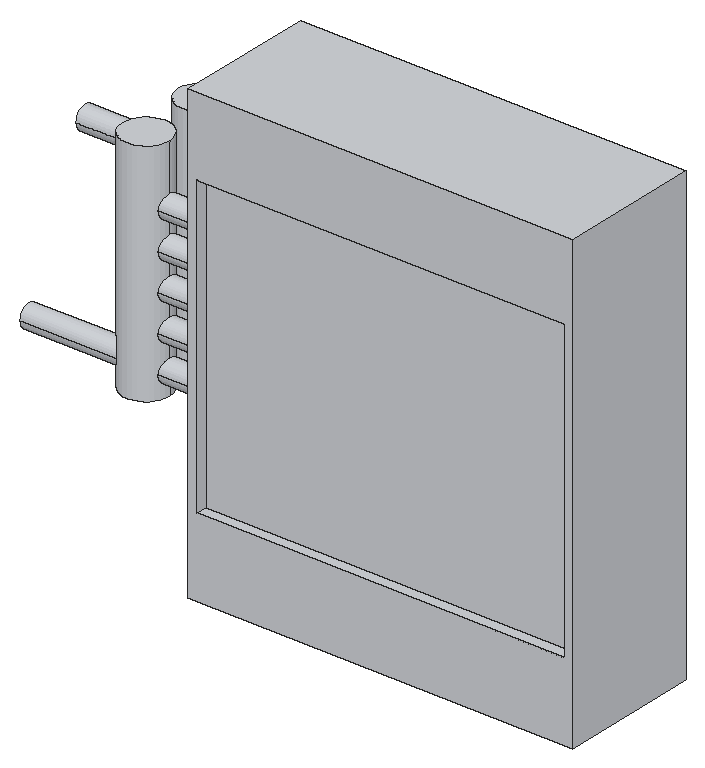
Revit family "M_Serpentina AHU - Água quente - Interior", category Equipamento mecânico, Revit 2019
Family settings
  Cota do conector redondo = Usar raio
  Tipo de parte = Normal
  Número OmniClass = 23.75.35.14
  Título OmniClass = Air Handling Units
  ID de item do Seek = AHU Coil - Hot Water - Indoor-0000-USA-ENU
  Com base no plano de trabalho = Não
  Sempre na vertical = Sim
  Corte com vazios quando carregada = Não
  Compartilhado = Não
  Ponto de cálculo do ambiente = Não
Parameters (values of type "0,3 metros quadrados")
  Raio da água = 25 mm
  Queda de pressão da água [instance] = 4978.0 Pa
  Fluxo da água [instance] = 1.0 L/s
  Diâmetro da água = Raio da água * 2  # 50 mm
  Raio 2 = 51 mm
  Raio 1 = Raio 2 / 2  # 25.5 mm
  Altura 1 = 203 mm
  Largura do duto 3 = Comprimento da serpentina * 0.18  # 150.84 mm
  Largura do duto 1 = Comprimento da serpentina * 0.01  # 8.38 mm
  Largura do duto = 800 mm
  Altura do duto = 650 mm
  Altura da serpentina = 991 mm
  Comprimento da serpentina = 838 mm
  Largura da serpentina = 305 mm
  Material da serpentina = none
  Queda de pressão do ar [instance] = 62.0 Pa
  Fluxo de ar [instance] = 787.0 L/s
Types (17, lengths in mm): name | Raio da água | Queda de pressão da água | Fluxo da água | Diâmetro da água | Raio 2 | Raio 1 | Altura 1 | Largura do duto 3 | Largura do duto 1 | Largura do duto | Altura do duto | Altura da serpentina | Comprimento da serpentina | Fluxo de ar
  (no name) | 25 | 4978.0 Pa | 1.0 L/s | 50 | 51 | 25.5 | 203 | 150.84 | 8.38 | 800 | 650 | 991 | 838 | 787.0 L/s
  0,3 metros quadrados | 25 | 4978.0 Pa | 1.0 L/s | 50 | 51 | 25.5 | 203 | 150.84 | 8.38 | 800 | 650 | 991 | 838 | 787.0 L/s
  0,7 metros quadrados | 25 | 17416.0 Pa | 2.0 L/s | 50 | 51 | 25.5 | 305 | 246.96 | 13.72 | 1200 | 800 | 1067 | 1372 | 1770.0 L/s
  0,9 metros quadrados | 25 | 24883.0 Pa | 3.0 L/s | 50 | 51 | 25.5 | 305 | 306.36 | 17.02 | 1500 | 850 | 1067 | 1702 | 2301.0 L/s
  1,1 metros quadrados | 25 | 27372.0 Pa | 3.0 L/s | 50 | 51 | 25.5 | 305 | 306.36 | 17.02 | 1600 | 950 | 1245 | 1702 | 2812.0 L/s
  1,3 metros quadrados | 25 | 34839.0 Pa | 4.0 L/s | 50 | 51 | 25.5 | 305 | 329.22 | 18.29 | 1700 | 1000 | 1245 | 1829 | 3190.0 L/s
  1,6 metros quadrados | 25 | 24883.0 Pa | 4.0 L/s | 50 | 51 | 25.5 | 305 | 361.26 | 20.07 | 1850 | 1100 | 1321 | 2007 | 3835.0 L/s
  2,0 metros quadrados | 25 | 37328.0 Pa | 5.0 L/s | 50 | 51 | 25.5 | 305 | 361.26 | 20.07 | 1900 | 1250 | 1575 | 2007 | 4793.0 L/s
  2,3 metros quadrados | 32 | 47277.0 Pa | 6.0 L/s | 64 | 57 | 28.5 | 305 | 393.12 | 21.84 | 1950 | 1400 | 1575 | 2184 | 5457.0 L/s
  2,8 metros quadrados | 32 | 57233.0 Pa | 6.0 L/s | 64 | 57 | 28.5 | 305 | 475.56 | 26.42 | 2300 | 1400 | 1575 | 2642 | 6784.0 L/s
  3,3 metros quadrados | 32 | 67189.0 Pa | 7.0 L/s | 64 | 57 | 28.5 | 305 | 498.42 | 27.69 | 2400 | 1550 | 1854 | 2769 | 8495.0 L/s
  3,7 metros quadrados | 32 | 69678.0 Pa | 8.0 L/s | 64 | 57 | 28.5 | 305 | 507.42 | 28.19 | 2750 | 1550 | 2007 | 2819 | 9439.0 L/s
  4,6 metros quadrados | 32 | 72161.0 Pa | 9.0 L/s | 64 | 57 | 28.5 | 305 | 553.14 | 30.73 | 3000 | 1850 | 2261 | 3073 | 11760.0 L/s
  6,1 metros quadrados | 32 | 74650.0 Pa | 11.0 L/s | 64 | 57 | 28.5 | 305 | 644.58 | 35.81 | 3500 | 2300 | 2642 | 3581 | 14316.0 L/s
  0,6 metros quadrados | 25 | 4978.0 Pa | 1.0 L/s | 50 | 51 | 25.5 | 305 | 214.92 | 11.94 | 1100 | 700 | 838 | 1194 | 1528.0 L/s
  7,4 metros quadrados | 25 | 4978.0 Pa | 21.0 L/s | 50 | 51 | 25.5 | 305 | 644.58 | 35.81 | 3500 | 2750 | 2870 | 3581 | 22224.0 L/s
  9,3 metros quadrados | 25 | 4978.0 Pa | 25.0 L/s | 50 | 51 | 25.5 | 305 | 708.66 | 39.37 | 3500 | 3000 | 3124 | 3937 | 25002.0 L/s
Reference planes
  plane 1 "Centro (Frente/Trás)": y = 0
  plane 2: z = 0
  plane 3 "Centro (Esquerda/Direita)": x = 0
  plane 4: x = -419
  plane 5: x = 419
  plane 6: y = 305
  plane 7: y = 152.5
  plane 8: y = 25.4
  plane 9: y = 279.6
  plane 10: y = 228.6
  plane 11: y = 76.4
  plane 12: z = 991
  plane 13: z = 820.5
  plane 14: z = 170.5
  plane 15: x = -400
  plane 16: x = 400
  plane 17: x = -520.6
  plane 18: x = -571.6
  plane 19: x = -622.6
  plane 20: x = -825.8
  plane 21: z = 322.9
  plane 22: z = 373.5
  plane 23: z = 453.5
  plane 24: z = 533.5
  plane 25: z = 613.5
  plane 26: z = 693.5
  plane 27: z = 495.5
Forms (mm)
  Extrusion 1, solid, material <- "Material da serpentina"
    sketch origin (0, 0, 0) x (1, 0, 0) y (0, 1, 0)
      loop
        line (-419, 305) -> (-419, 0) -> (419, 0) -> (419, 305) -> (-419, 305)
    from 991 to 0
  Extrusion 2, void
    sketch origin (0, 0, 0) x (1, 0, 0) y (0, 1, 0)
      loop
        line (-400, 305) -> (-400, 279.6) -> (400, 279.6) -> (400, 305) -> (-400, 305)
      loop
        line (-400, 25.4) -> (-400, 0) -> (400, 0) -> (400, 25.4) -> (-400, 25.4)
    from 170.5 to 820.5
  Extrusion 3, solid, material <- "Material da serpentina"
    sketch origin (0, 0, 0) x (0, 1, 0) y (0, 0, 1)
      loop
        circle (228.6, 693.5) r 25
      loop
        circle (76.4, 693.5) r 25
      loop
        circle (228.6, 613.5) r 25
      loop
        circle (76.4, 613.5) r 25
      loop
        circle (228.6, 533.5) r 25
      loop
        circle (76.4, 533.5) r 25
      loop
        circle (228.6, 453.5) r 25
      loop
        circle (76.4, 453.5) r 25
      loop
        circle (228.6, 373.5) r 25
      loop
        circle (76.4, 373.5) r 25
    from -571.6 to -419
  Extrusion 4, solid, material <- "Material da serpentina"
    sketch origin (0, 0, 0) x (1, 0, 0) y (0, 1, 0)
      loop
        circle (-571.6, 228.6) r 51
      loop
        circle (-571.6, 76.4) r 51
    from 820.5 to 322.9
  Extrusion 5, solid, material <- "Material da serpentina"
    sketch origin (0, 0, 0) x (0, 1, 0) y (0, 0, 1)
      loop
        circle (228.6, 693.5) r 25
      loop
        circle (76.4, 373.5) r 25
    from -825.8 to -571.6
Cuts and joins
  Extrusion 2 cuts Extrusion 1
  joined: Extrusion 1, Extrusion 3, Extrusion 4, Extrusion 5
Dimensions and locks
  equal spacing: plane 4, plane 3 "Centro (Esquerda/Direita)", plane 5
  "Comprimento da serpentina": plane 4 to plane 5
  "Largura da serpentina": plane 6 to plane 1 "Centro (Frente/Trás)"
  equal spacing: plane 1 "Centro (Frente/Trás)", plane 7, plane 6
  locked: plane 9 to plane 6 at 25.4
  locked: plane 8 to plane 1 "Centro (Frente/Trás)" at 25.4
  "Raio 2": plane 9 to plane 10
  "Raio 2": plane 8 to plane 11
  "Altura da serpentina": plane 12 to plane 2
  locked: plane 4 to plane 17 at 101.6
  "Raio 2": plane 17 to plane 18
  "Raio 2": plane 18 to plane 19
  locked: plane 19 to plane 20 at 203.2
  locked: plane 21 to plane 14 at 152.4
  "Altura 1": plane 22 to plane 14
  equal spacing: plane 26, plane 25, plane 24, plane 23, plane 22
  locked: plane 13 to plane 26 at 127
  equal spacing: plane 16, plane 3 "Centro (Esquerda/Direita)", plane 15
  "Largura do duto": plane 15 to plane 16
  equal spacing: plane 12, plane 27, plane 2
  equal spacing: plane 13, plane 27, plane 14
  "Altura do duto": plane 13 to plane 14
  "Raio da água": radius of Extrusion 3 sketch curve  (x10)
  "Raio 2": radius of Extrusion 4 sketch curve  (x2)
  "Raio da água": radius of Extrusion 5 sketch curve  (x2)
  aligned and locked: plane 4 to Extrusion 1 sketch curve
  aligned and locked: Extrusion 1 sketch curve to plane 6
  aligned and locked: plane 1 "Centro (Frente/Trás)" to Extrusion 1 sketch curve
  aligned and locked: Extrusion 1 sketch curve to plane 5
  aligned and locked: plane 12 to Extrusion 1
  aligned and locked: Extrusion 1 to plane 2
  aligned and locked: plane 15 to Extrusion 2 sketch curve  (x2)
  aligned and locked: Extrusion 2 sketch curve to plane 6
  aligned and locked: plane 9 to Extrusion 2 sketch curve
  aligned and locked: Extrusion 2 sketch curve to plane 16  (x2)
  aligned and locked: Extrusion 2 sketch curve to plane 8
  aligned and locked: plane 1 "Centro (Frente/Trás)" to Extrusion 2 sketch curve
  aligned and locked: plane 14 to Extrusion 2
  aligned and locked: plane 13 to Extrusion 2
  aligned and locked: plane 11 to Extrusion 3 sketch curve  (x5)
  aligned and locked: plane 22 to Extrusion 3 sketch curve  (x2)
  aligned and locked: plane 10 to Extrusion 3 sketch curve  (x5)
  aligned and locked: plane 23 to Extrusion 3 sketch curve  (x2)
  aligned and locked: plane 24 to Extrusion 3 sketch curve  (x2)
  aligned and locked: plane 25 to Extrusion 3 sketch curve  (x2)
  aligned and locked: plane 26 to Extrusion 3 sketch curve  (x2)
  aligned and locked: Extrusion 3 to plane 18
  aligned and locked: plane 4 to Extrusion 3
  aligned and locked: plane 18 to Extrusion 4 sketch curve  (x2)
  aligned and locked: plane 11 to Extrusion 4 sketch curve
  aligned and locked: plane 10 to Extrusion 4 sketch curve
  aligned and locked: plane 21 to Extrusion 4
  aligned and locked: plane 13 to Extrusion 4
  aligned and locked: plane 10 to Extrusion 5 sketch curve
  aligned and locked: plane 26 to Extrusion 5 sketch curve
  aligned and locked: plane 22 to Extrusion 5 sketch curve
  aligned and locked: plane 11 to Extrusion 5 sketch curve
  aligned and locked: Extrusion 5 to plane 20
  aligned and locked: plane 18 to Extrusion 5
Connectors
  hvac at (0, 0, 495.5), driven by "Fluxo de ar", driven by "Altura do duto", driven by "Largura do duto"
    settings: on cut or joined group of Extrusion 1, Extrusion 2, Extrusion 3, Extrusion 4, Extrusion 5, index 1, duct flow 787.0 L/s, flow factor 0, pres drop 0.0 Pa, loss coef 0, conn angle 0.00°, conn width 800 mm, conn height 650 mm, conn diameter 609.6 mm, duct sys type 1, conn prof type 1, flow config 0, flow direction 0, loss method 0, conn ref index 2, conn util no, is conn primary yes, conn desc ""
  hvac at (0, 305, 495.5), driven by "Queda de pressão do ar", driven by "Fluxo de ar", driven by "Altura do duto", driven by "Largura do duto"
    settings: on cut or joined group of Extrusion 1, Extrusion 2, Extrusion 3, Extrusion 4, Extrusion 5, index 2, duct flow 787.0 L/s, flow factor 0, pres drop 62.0 Pa, loss coef 0, conn angle 0.00°, conn width 800 mm, conn height 650 mm, conn diameter 609.6 mm, duct sys type 1, conn prof type 1, flow config 0, flow direction 0, loss method 4, conn ref index 1, conn util no, is conn primary no, conn desc ""
  piping at (-825.8, 228.6, 693.5), diameter 50, driven by "Fluxo da água", driven by "Queda de pressão da água", driven by "Raio da água"
    settings: on Extrusion 5, index 3, connector inside diameter 50 mm, connector length 0 mm, flow factor 0, pipe flow 1.0 L/s, pressure drop 4978.0 Pa, fitting loss kfactor 0, connector angle 0.00°, fixture units 0, engagement length 0 mm, angle of deflection 0.00°, flow configuration 1, flow direction 2, fitting loss method 4, system type 8, joint type 0, gender type 0, connector reference index 4, connector utility 0, adjustable connector no, is connector primary yes, connector description "Saída de água"
  piping at (-825.8, 76.4, 373.5), diameter 50, driven by "Fluxo da água", driven by "Raio da água"
    settings: on Extrusion 5, index 4, connector inside diameter 50 mm, connector length 0 mm, flow factor 0, pipe flow 1.0 L/s, pressure drop 0.0 Pa, fitting loss kfactor 0, connector angle 0.00°, fixture units 0, engagement length 0 mm, angle of deflection 0.00°, flow configuration 1, flow direction 1, fitting loss method 0, system type 7, joint type 0, gender type 0, connector reference index 3, connector utility 0, adjustable connector no, is connector primary no, connector description "Entrada de água"
